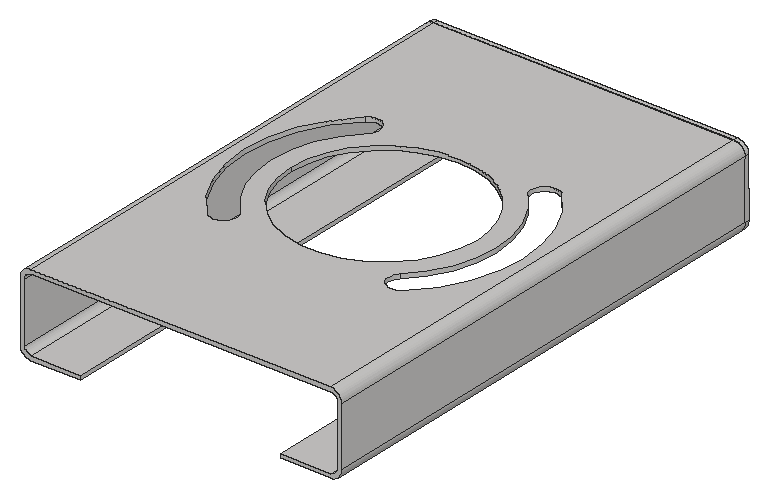
Revit family "PRD_FrankeWS_HygieneBagDispenser_HBD191", category Furniture, host Face, Revit 2018
Family settings
  Host = Face
  OmniClass Number = 23.40.20.21
  OmniClass Title = Toilet and Bath Specialties
  Cut with Voids When Loaded = No
  Shared = No
  Room Calculation Point = No
Parameters (values of type "HBD191")
  WarrantyStartDate [instance] = "1900-12-31T23:59:59"
  WarrantyGuarantorParts = "n/a"
  WarrantyGuarantorLabor = "n/a"
  WarrantyDurationUnit = "year"
  WarrantyDurationParts = "n/a"
  WarrantyDurationLabor = "n/a"
  WarrantyDescription = "n/a"
  Version = "1"
  Uniclass2015Version = "n/a"
  Uniclass2015Title = "n/a"
  Uniclass2015Code = "n/a"
  URL = "www.kwc.com"
  TagNumber [instance] = "n/a"
  SustainabilityPerformance = "n/a"
  SurfaceTreatment = "InoxPlus (anti fingerprint)"
  Style = "Hygiene bag dispenser"
  Size = "92x150x22 mm"
  Shape = "n/a"
  SerialNumber [instance] = "n/a"
  Revision = "n/a"
  ReplacementCost = "n/a"
  ProductInformation = "https://pim.kwc.com/product/2000057080/attachment/datasheet?locale=en"
  NominalWidth = 92.00 mm
  NominalLength = 92.00 mm
  NominalHeight = 150.00 mm
  NominalDepth = 22.00 mm
  NetWeight = 0.24 kg
  Name = "Hygiene bag dispenser HBD191"
  NBSTypeID = "n/a"
  NBSReference = "n/a"
  NBSOfficeMasterTag = "n/a"
  NBSNote = "n/a"
  NBSDescription = "n/a"
  NBSCertification = "n/a"
  ModelReference = "HBD191"
  ModelNumber = "2000057080"
  Model = ModelReference  # "HBD191"
  Material = "Stainless steel"
  ManufacturerURL = "www.kwc.com"
  ManufacturerName = "KWC Group AG"  # constant formula
  Manufacturer = ManufacturerName  # "KWC Group AG"
  MainColor = "Stainless steel"
  InstallationDate [instance] = "1900-12-31T23:59:59"
  IfcExportType = "NOTDEFINED"
  IfcExportAs = "IfcFurnitureType"
  GrossWeight = 0.30 kg
  Grade = "n/a"
  Finish = "Satin finished"
  FillingQuantity = "30 Pieces"
  Features = "stainless steel, 1.20 mm, satin finished, wall mounting, 92x150x22 mm (WxHxD)"
  ExpectedLife = "n/a"
  DurationUnit = "year"
  DispenserMaterial = PRD_AR_StainlessSteel_SatinFinished
  Description = "Hygiene bag dispenser for wall mounting, stainless steel, surface satin finished with InoxPlus surface refinement for the reduction of finger marks and better cleaning characteristic (easy to clean), material thickness 1.2 mm, edges not welded, inboard lug to hold package, withdrawal from front, incl. premounted double side self-adhesive tap and stainless steel screws and dowels, incl. acetone rag to clean bonding surface."
  Default Elevation = 650.00 mm
  Constituents = "n/a"
  Color = "Stainless steel"
  CodePerformance = "n/a"
  Category = "Pr_40_70_22, Dispensers and acceptance units"
  BarCode [instance] = "n/a"
  BIMObjectName = "PRD_AR_HygieneBagDispenser_HBD191"
  Author = "Archispace"  # constant formula
  AssetType = "Fixed"
  AssetIdentifier [instance] = "n/a"
  AccessibilityPerformance = "n/a"
Reference planes
  plane 1 "Center (Front/Back)": y = 0
  plane 2: z = 0
  plane 3 "Center (Left/Right)": x = 0
Forms (mm)
  Extrusion 1, solid, material "PRD_AR_StainlessSteel_SatinFinished" <- "DispenserMaterial", detail levels fine
    sketch origin (0, 0, 0) x (1, 0, 0) y (0, 0, 1)
      loop
        arc (-47.5, 3.2) -> (-46.563, 0.937) -> (-44.3, 0) r 3.2
        line (-44.3, 0) -> (-29.5, 0) -> (-29.5, 1.2) -> (-44.3, 1.2)
        arc (-44.3, 1.2) -> (-45.714, 1.786) -> (-46.3, 3.2) r 2
        line (-46.3, 3.2) -> (-46.3, 20.8)
        arc (-46.3, 20.8) -> (-45.714, 22.214) -> (-44.3, 22.8) r 2
        line (-44.3, 22.8) -> (44.3, 22.8)
        arc (44.3, 22.8) -> (45.714, 22.214) -> (46.3, 20.8) r 2
        line (46.3, 20.8) -> (46.3, 3.2)
        arc (46.3, 3.2) -> (45.714, 1.786) -> (44.3, 1.2) r 2
        line (44.3, 1.2) -> (29.5, 1.2) -> (29.5, 0) -> (44.3, 0)
        arc (44.3, 0) -> (46.563, 0.937) -> (47.5, 3.2) r 3.2
        line (47.5, 3.2) -> (47.5, 20.8)
        arc (47.5, 20.8) -> (46.563, 23.063) -> (44.3, 24) r 3.2
        line (44.3, 24) -> (-44.3, 24)
        arc (-44.3, 24) -> (-46.563, 23.063) -> (-47.5, 20.8) r 3.2
        line (-47.5, 20.8) -> (-47.5, 3.2)
    from -148.8 to 0
  Extrusion 2, solid, material "PRD_AR_StainlessSteel_SatinFinished" <- "DispenserMaterial", detail levels fine
    sketch origin (0, 0, 0) x (1, 0, 0) y (0, 0, 1)
      loop
        line (-47.5, 20.8) -> (-47.5, 3.2)
        arc (-47.5, 3.2) -> (-46.563, 0.937) -> (-44.3, 0) r 3.2
        line (-44.3, 0) -> (44.3, 0)
        arc (44.3, 0) -> (46.563, 0.937) -> (47.5, 3.2) r 3.2
        line (47.5, 3.2) -> (47.5, 20.8)
        arc (47.5, 20.8) -> (46.563, 23.063) -> (44.3, 24) r 3.2
        line (44.3, 24) -> (-44.3, 24)
        arc (-44.3, 24) -> (-46.563, 23.063) -> (-47.5, 20.8) r 3.2
    from -150 to -148.8
  Extrusion 3, void
    sketch origin (0, 75, 0) x (1, 0, 0) y (0, 1, 0)
      loop
        circle (0, 0) r 27.5
      loop
        arc (-29.168, 29.168) -> (-41.25, 0) -> (-29.168, -29.168) r 41.25
        arc (-29.168, -29.168) -> (-23.511, -29.168) -> (-23.511, -23.511) r 4
        arc (-23.511, -23.511) -> (-33.25, 0) -> (-23.511, 23.511) r 33.25
        arc (-23.511, 23.511) -> (-23.511, 29.168) -> (-29.168, 29.168) r 4
      loop
        arc (23.511, -23.511) -> (23.511, -29.168) -> (29.168, -29.168) r 4
        arc (29.168, -29.168) -> (41.25, 0) -> (29.168, 29.168) r 41.25
        arc (29.168, 29.168) -> (23.511, 29.168) -> (23.511, 23.511) r 4
        arc (23.511, 23.511) -> (33.25, 0) -> (23.511, -23.511) r 33.25
    from 22.8 to 24
  Extrusion 4, solid, material "PRD_AR_StainlessSteel_SatinFinished" <- "DispenserMaterial", detail levels medium
    sketch origin (0, 0, 0) x (1, 0, 0) y (0, 0, 1)
      loop
        line (-47.5, 20.8) -> (-47.5, 3.2)
        arc (-47.5, 3.2) -> (-46.563, 0.937) -> (-44.3, 0) r 3.2
        line (-44.3, 0) -> (44.3, 0)
        arc (44.3, 0) -> (46.563, 0.937) -> (47.5, 3.2) r 3.2
        line (47.5, 3.2) -> (47.5, 20.8)
        arc (47.5, 20.8) -> (46.563, 23.063) -> (44.3, 24) r 3.2
        line (44.3, 24) -> (-44.3, 24)
        arc (-44.3, 24) -> (-46.563, 23.063) -> (-47.5, 20.8) r 3.2
    from -150 to 0
  Extrusion 5, solid, material "PRD_AR_StainlessSteel_SatinFinished" <- "DispenserMaterial", detail levels coarse
    sketch origin (0, 0, 0) x (1, 0, 0) y (0, 0, 1)
      loop
        line (-47.5, 24) -> (-47.5, 0) -> (47.5, 0) -> (47.5, 24) -> (-47.5, 24)
    from 0 to -150
Cuts and joins
  Extrusion 3 cuts Extrusion 1
Dimensions and locks
  aligned and locked: plane 2 to host face
  aligned and locked: level to host face
